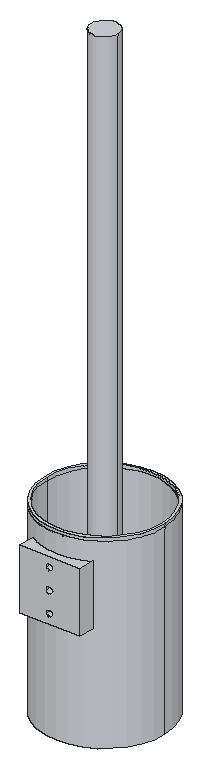
Revit family "AX8524_0006", category Appareils sanitaires, Revit 2016
Family settings
  Hôte = Mur
  Type d'élément = Normal
  Cote de connecteur circulaire = Utiliser le diamètre
  Numéro OmniClass = 23.75.00.00
  Titre OmniClass = Climate Control (HVAC)
  Toujours verticalement = Oui
  Couper avec des vides une fois chargée = Non
  Partagée = Non
  Point de calcul de pièce = Non
Parameters (values of type "Type 1")
  URL = "https://www.axeuro.com/fr/pots-et-balais-wc/25452-pot-et-balai-wc-ax8524.html"
  Type de produit / Type of product = "Pot et balai / Toilet brush set"  # constant formula
  Référence / Reference = "AX8524, AX8524P, AX8524W, AX8524-BRASS, AX8524-BRASS-P"  # constant formula
  Model = ""
  Manufacturer = ""
  Entreprise / Company = "Axeuro"  # constant formula
  Description = ""
Reference planes
  plane 1 "Mur": y = 0
  plane 2 "Centre (gauche/droite)": x = 0
  plane 3 "Arrière": y = 75
Forms (mm)
  Extrusion 1, solid
    sketch origin (0, -156.262, -160) x (1, 0, 0) y (0, 1, 0)
      loop
        circle (0, 276.565) r 40
    from 595.81 to 718.81
  Extrusion 2, solid
    sketch origin (0, -156.262, -37) x (1, 0, 0) y (0, 1, 0)
      loop
        circle (0, 276.565) r 40
    from 595.81 to 597.81
  Extrusion 3, solid
    sketch origin (-40, -156.262, -160) x (1, 0, 0) y (0, 1, 0)
      loop
        circle (40, 276.565) r 9
    from 680.142 to 1000.81
  Extrusion 4, void
    sketch origin (0, 78.153, 336.386) x (1, 0, 0) y (0, 0, 1)
      loop
        circle (0, 204.387) r 2.15
    from -3.86 to 3.153
  Extrusion 5, void
    sketch origin (0, 78.153, 308.886) x (1, 0, 0) y (0, 0, 1)
      loop
        circle (0, 204.387) r 2.15
    from -3.86 to 3.153
  Extrusion 6, void
    sketch origin (0, 78.153, 322.636) x (1, 0, 0) y (0, 0, 1)
      loop
        circle (0, 204.387) r 2.25
    from -3.86 to 3.153
  Extrusion 7, void
    sketch origin (0, -156.262, -160) x (1, 0, 0) y (0, 1, 0)
      loop
        circle (0, 276.565) r 38.5
    from 597.31 to 720.81
  Extrusion 8, solid
    sketch origin (0, -156.262, -160) x (1, 0, 0) y (0, 1, 0)
      loop
        line (-20, 231.262) -> (20, 231.262) -> (20, 241.924)
        arc (20, 241.924) -> (0, 236.565) -> (-20, 241.924) r 40
        line (-20, 241.924) -> (-20, 231.262)
    from 666.862 to 706.862
  Revolve 9, solid
    sketch origin (0, -295.742, -196.601) x (0, 1, 0) y (0, 0, 1)
      loop
        line (416.046, 712.705) -> (401.046, 712.705) -> (401.046, 665.705)
        arc (401.046, 665.705) -> (405.439, 655.099) -> (416.046, 650.705) r 15
        line (416.046, 650.705) -> (416.046, 712.705)
      axis (416.046, 712.705) -> (416.046, 650.705)
    angle from 0 to 360
  Revolve 10, solid
    sketch origin (0, -283.37, -215.837) x (0, 1, 0) y (0, 0, 1)
      loop
        line (392.673, 731.942) -> (403.673, 731.942) -> (403.673, 735.98) -> (394.673, 735.98)
        arc (394.673, 735.98) -> (393.139, 734.225) -> (392.673, 731.942) r 4.558
      axis (403.673, 735.98) -> (403.673, 731.942)
    angle from 0 to 360
  Revolve 11, solid
    sketch origin (0, -156.262, -160) x (0, 1, 0) y (0, 0, 1)
      loop
        line (276.457, 676.105) -> (244.565, 676.105) -> (244.565, 626.105)
        arc (244.565, 626.105) -> (254.126, 604.679) -> (276.457, 597.483) r 28.789
        line (276.457, 597.483) -> (276.457, 676.105)
      axis (276.457, 676.105) -> (276.457, 597.483)
    angle from 0 to 360
Cuts and joins
  Extrusion 7 cuts Extrusion 2
  Extrusion 7 cuts Extrusion 1
  Extrusion 4, Extrusion 5, Extrusion 6 cuts Extrusion 8
Text (mm)
  text "Côté de la mise en place" at (-1820.995, 1116.779, 0), in view "Niveau de réf."
  text "Côté de la mise en place" at (0, 1334.055, 2976.191), in view "Gauche"
  text "Côté de la mise en place" at (0, 439.194, 2944.362), in view "Droite"
Dimensions and locks
  host wall to plane 3 "Arrière" = 75 mm
  aligned and locked: plane 1 "Mur" to host wall
